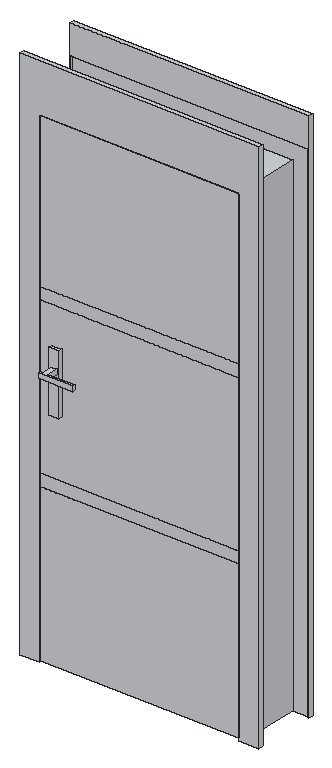
Revit family "porta_level_a1", category Drzwi, Revit 2016
Family settings
  Obiekt nadrzędny = Ściana
  Zawsze pionowo = Tak
  Tnij formami wycięć po wczytaniu = Nie
  Współdzielony = Nie
  Punkt obliczania pomieszczeń = Nie
Parameters (values of type "PN 80")
  Wysokość brutto = 2055 mm
  URL = "www.porta.com.pl"
  Szerokość brutto = 880 mm
  Ss = 818 mm
  Producent = "PORTA KMI POLAND"
  Keynote = ""
  Description = ""
  Wysokość = 2016 mm
  Zakończenie ściany = Wg obiektu nadrzędnego
  Szerokość = 802 mm
  Model = "Porta LEVEL"
  Materiał_skrzydło_2 = none
  Materiał_skrzydło_1 [instance] = none
  Materiał_ościeżnica [instance] = none
  Materiał_klamka [instance] = none
  Konstrukcja analityczna = "<Brak>"
  Informacja = "Własność Porta KMI Poland, wszelkie prawa zastrzeżone."  # constant formula
  Hs = 2017 mm
  Funkcja = Wewnętrzna
Reference planes
  plane 1: y = 0
  plane 2 "Środek (Lewa/Prawa)": x = 0
  plane 3 "Lewy": x = -440
  plane 4 "Prawy": x = 440
  plane 5: z = 2055
  plane 6 "Zewnętrzna": y = 120
  plane 7 "Wewnętrzna": y = -120
  plane 8: x = -401
  plane 9: y = -138.9
  plane 10: x = -494.4
  plane 11: x = 494.4
Forms (mm)
  Sweep 1, solid, material <- "Materiał_ościeżnica"
    path in 3D
      loop
        line (-440, -120, 0) -> (-440, -120, 2055) -> (440, -120, 2055) -> (440, -120, 0)
    profile origin (-440, -120, 1027.5) x (0, -1, 0) y (1, 0, 0)
      loop
        line (-240, -54.4) -> (-240, -49.7) -> (-243.2, -49.7) -> (-243.2, 16.3) -> (3.2, 16.3) -> (3.2, -49.7) -> (0, -49.7) -> (0, -54.4) -> (18.9, -54.4) -> (18.9, 27) -> (-26.7, 27) -> (-26.7, 39) -> (-243.2, 39) -> (-243.2, 27) -> (-258.9, 27) -> (-258.9, -54.4) -> (-240, -54.4)
  Extrusion 2, solid, material <- "Materiał_ościeżnica"
    sketch origin (-359, -94.5, 2024.974) x (0, 0, -1) y (0, -1, 0)
      loop
        line (-203.026, -233.4) -> (-84.426, -233.4) -> (-84.426, -214.5) -> (-203.026, -214.5) -> (-203.026, -233.4)
    from -853.4 to 135.4
  Extrusion 3, solid, material <- "Materiał_ościeżnica"
    sketch origin (-359, -94.5, 2024.974) x (0, 0, -1) y (0, -1, 0)
      loop
        line (-203.026, 44.4) -> (-203.026, 25.5) -> (-84.426, 25.5) -> (-84.426, 44.4) -> (-203.026, 44.4)
    from -853.4 to 135.4
Cuts and joins
  joined: Sweep 1, Extrusion 2, Extrusion 3
Lines and regions (mm)
  Opening 1
    outline origin (-3050, -120, 0) x (1, 0, 0) y (0, 0, 1)
      loop
        line (2610, 0) -> (3490, 0) -> (3490, 2055) -> (2610, 2055) -> (2610, 0)
  sketch lines
    curve 1: line (-440, -120, 0) -> (-440, -120, 2055)
    curve 2: line (-440, -120, 2055) -> (440, -120, 2055)
    curve 3: line (440, -120, 2055) -> (440, -120, 0)
  symbolic lines, style "DoorsPanelProjection"
    curve 4: line (409, -120, 0) -> (409, -938, 0)
    curve 5: line (409, -938, 0) -> (369, -938, 0)
    curve 6: line (369, -938, 0) -> (369, -120, 0)
    curve 7: line (369, -120, 0) -> (409, -120, 0)
  symbolic lines, style "Ugięcie rzutu"
    curve 8: arc (-409, -120, 0) -> (-169.413, -698.413, 0) -> (409, -938, 0) r 818
Text (mm)
  text "Zewnętrzna" at (-2295.016, 1099.543, 0), in view "Poziom odniesienia"
  text "Zewnętrzna" at (0, 1615.38, 3698.081), in view "Lewy"
  text "Zewnętrzna" at (0, 1036.032, 3874.932), in view "Prawy"
Dimensions and locks
  equal spacing: plane 3 "Lewy", plane 2 "Środek (Lewa/Prawa)", plane 4 "Prawy"
  "Szerokość brutto": plane 3 "Lewy" to plane 4 "Prawy"
  "Wysokość brutto": plane 5 to host wall
  host wall to plane 5 = 2055 mm  (x2)
  locked: plane 6 "Zewnętrzna" to host wall at 0
  locked: plane 7 "Wewnętrzna" to host wall
  locked: curve 6 to curve 4 at 40
  "Ss": curve 5 to curve 7
  equal spacing: curve 8, plane 2 "Środek (Lewa/Prawa)", curve 4
  equal spacing: nested 1, plane 2 "Środek (Lewa/Prawa)", nested 1
  locked: nested 1 to level at 8
  locked: plane 3 "Lewy" to plane 8 at 39
  locked: plane 6 "Zewnętrzna" to Sweep 1 sketch curve at 18.9
  locked: profile plane to Sweep 1 sketch curve at 27
  locked: Sweep 1 sketch curve to plane 8 at 22.7
  locked: Sweep 1 sketch curve to profile plane at 26.7
  locked: profile plane to Sweep 1 sketch curve at 18.9
  locked: Sweep 1 sketch curve to profile plane at 54.4  (x2)
  locked: plane 9 to host wall at 18.9
  locked: plane 10 to plane 3 "Lewy" at 54.4
  locked: plane 4 "Prawy" to plane 11 at 54.4
  aligned and locked: plane 3 "Lewy" to Opening 1 sketch curve
  aligned and locked: plane 5 to Opening 1 sketch curve  (x2)
  aligned and locked: Opening 1 sketch curve to plane 4 "Prawy"
  aligned and locked: Opening 1 sketch curve to level
  aligned and locked: plane 1 to host wall
  aligned and locked: plane 7 "Wewnętrzna" to curve 7
  aligned and locked: Sweep 1 sketch curve to plane 6 "Zewnętrzna"
  aligned and locked: Sweep 1 sketch curve to profile plane
  aligned and locked: Sweep 1 sketch curve to plane 8
  aligned and locked: nested 1 to plane 9
  aligned and locked: Extrusion 2 sketch curve to Sweep 1  (x2)
  aligned and locked: host wall to Extrusion 2 sketch curve
  aligned and locked: Extrusion 3 sketch curve to plane 9
  aligned and locked: host wall to Extrusion 3 sketch curve
  aligned and locked: Extrusion 3 sketch curve to Sweep 1
  aligned and locked: Extrusion 3 sketch curve to Extrusion 2
  aligned and locked: plane 11 to Extrusion 3
  aligned and locked: plane 10 to Extrusion 3
  aligned and locked: plane 11 to Extrusion 2
  aligned and locked: plane 10 to Extrusion 2
Automatic sketch dimensions
  curve 8 to host wall = 0 mm
  Sweep 1 sketch curve to Sweep 1 sketch curve = 0 mm
  Sweep 1 sketch curve to Sweep 1 sketch curve = 3.2 mm
  Sweep 1 sketch curve to Sweep 1 sketch curve = 15.7 mm
  Sweep 1 sketch curve to Sweep 1 sketch curve = 4.7 mm  (x2)
  Sweep 1 sketch curve to Sweep 1 sketch curve = 10.7 mm
  Extrusion 2 sketch curve to plane 5 = 173 mm
Nested families
  nested 1: "skrzydło" at (0, -105.4, 0), type "skrzydło"
Definition of nested family "skrzydło"
  Parameters
    Ss = 818 mm
    Materiał_skrzydło_2 = none
    Materiał_skrzydło_1 = none
    Materiał_klamka = none
    Assembly Code = ""
    Hs = 2017 mm
  Reference planes
    plane 1 "Tył": y = 6.5
    plane 2: z = 0
    plane 3 "Środek (Lewa/Prawa)": x = 0
    plane 4 "Lewa": x = -409
    plane 5 "Prawa": x = 409
    plane 6 "Przód": y = -33.5
    plane 7: z = 2025
    plane 8 "Centrum": y = -13.5
    plane 9: z = 8
  Forms (mm)
    Extrusion 1, solid, material <- "Materiał_skrzydło_1"
      sketch origin (0, -33.5, 0) x (-1, 0, 0) y (0, 0, 1)
        loop
          line (409, 653) -> (-409, 653) -> (-409, 8) -> (409, 8) -> (409, 653)
      from 0 to 40
    Extrusion 2, solid, material <- "Materiał_skrzydło_2"
      sketch origin (-2140.117, -33.5, 1200) x (-1, 0, 0) y (0, 0, 1)
        loop
          line (-1731.117, -497) -> (-2549.117, -497) -> (-2549.117, -547) -> (-1731.117, -547) -> (-1731.117, -497)
      from 0 to 40
    Extrusion 3, solid, material <- "Materiał_skrzydło_1"
      sketch origin (-2140.117, -33.5, 1200) x (-1, 0, 0) y (0, 0, 1)
        loop
          line (-1731.117, 143) -> (-2549.117, 143) -> (-2549.117, -497) -> (-1731.117, -497) -> (-1731.117, 143)
      from 0 to 40
    Extrusion 4, solid, material <- "Materiał_skrzydło_2"
      sketch origin (-2140.117, -33.5, 1200) x (-1, 0, 0) y (0, 0, 1)
        loop
          line (-1731.117, 193) -> (-2549.117, 193) -> (-2549.117, 143) -> (-1731.117, 143) -> (-1731.117, 193)
      from 0 to 40
    Extrusion 5, solid, material <- "Materiał_skrzydło_1"
      sketch origin (-2140.117, -33.5, 1200) x (-1, 0, 0) y (0, 0, 1)
        loop
          line (-1731.117, 825) -> (-2549.117, 825) -> (-2549.117, 193) -> (-1731.117, 193) -> (-1731.117, 825)
      from 0 to 40
  Dimensions and locks
    equal spacing: plane 4 "Lewa", plane 3 "Środek (Lewa/Prawa)", plane 5 "Prawa"
    "Ss": plane 4 "Lewa" to plane 5 "Prawa"
    locked: plane 9 to level at 8
    "Hs": plane 7 to plane 9
    locked: nested 1 to plane 9 at 934
    locked: plane 9 to nested 3 at 934
    equal spacing: plane 6 "Przód", plane 8 "Centrum", plane 1 "Tył"
    aligned and locked: Extrusion 1 sketch curve to plane 9
    aligned and locked: nested 1 to plane 6 "Przód"
    aligned and locked: Extrusion 1 sketch curve to plane 5 "Prawa"
    aligned and locked: Extrusion 1 sketch curve to plane 4 "Lewa"
    aligned and locked: plane 3 "Środek (Lewa/Prawa)" to nested 2
    aligned and locked: plane 4 "Lewa" to Extrusion 2 sketch curve
    aligned and locked: plane 5 "Prawa" to Extrusion 2 sketch curve
    aligned and locked: Extrusion 2 sketch curve to Extrusion 1
    aligned and locked: plane 4 "Lewa" to Extrusion 3 sketch curve
    aligned and locked: Extrusion 3 sketch curve to Extrusion 2
    aligned and locked: plane 5 "Prawa" to Extrusion 3 sketch curve
    aligned and locked: plane 4 "Lewa" to Extrusion 4 sketch curve
    aligned and locked: Extrusion 4 sketch curve to Extrusion 3
    aligned and locked: plane 5 "Prawa" to Extrusion 4 sketch curve
    aligned and locked: plane 4 "Lewa" to Extrusion 5 sketch curve
    aligned and locked: plane 7 to Extrusion 5 sketch curve
    aligned and locked: plane 5 "Prawa" to Extrusion 5 sketch curve
    aligned and locked: Extrusion 5 sketch curve to Extrusion 4
  Automatic sketch dimensions
    plane 9 to Extrusion 1 sketch curve = 645 mm
    Extrusion 2 sketch curve to Extrusion 2 sketch curve = 50 mm
    Extrusion 3 sketch curve to Extrusion 3 sketch curve = 640 mm
    Extrusion 4 sketch curve to Extrusion 4 sketch curve = 50 mm
  Nested families
    nested 1: "KLAMKA" at (-341, -33.5, 1067), Materiał klamki <- "Materiał_klamka", type "KLAMKA"
      with Materiał klamki none
    nested 2: "logo_porta" at (0, 6.5, 110) x (1, 0, 0) z (0, -1, 0), type "logo_porta"
    nested 3: "KLAMKA" at (-341, 6.5, 1067), Materiał klamki <- "Materiał_klamka", type "KLAMKA"
      with Materiał klamki none
  Definition of nested family "KLAMKA"
    Parameters
      Materiał klamki [instance] = none
      Assembly Code = ""
      Default Elevation = 1219.2 mm
    Reference planes
      plane 1 "Center (Front/Back)": y = 0
      plane 2: z = 0
      plane 3 "Center (Left/Right)": x = 0
      plane 4: z = 125
      plane 5: z = -125
      plane 6: x = 20
      plane 7: x = -20
      plane 8: y = -70
      plane 9: y = -60
      plane 10: x = 10
      plane 11: x = -10
      plane 12: x = 120
      plane 13: z = 35
      plane 14: z = 55
      plane 15: y = -15
    Forms (mm)
      Extrusion 1, solid, material <- "Materiał klamki"
        sketch origin (0, 0, 0) x (1, 0, 0) y (0, 0, 1)
          loop
            line (-20, 125) -> (-20, -125) -> (20, -125) -> (20, 125) -> (-20, 125)
        from 0 to 15
      Extrusion 2, solid, material <- "Materiał klamki"
        sketch origin (0, 0, 0) x (1, 0, 0) y (0, 1, 0)
          loop
            line (-10, -15) -> (-10, -60) -> (-20, -60) -> (-20, -70) -> (120, -70) -> (120, -60) -> (10, -60) -> (10, -15) -> (-10, -15)
        from 35 to 55
    Dimensions and locks
      equal spacing: plane 4, plane 2, plane 5
      plane 4 to plane 5 = 250 mm
      equal spacing: plane 7, plane 3 "Center (Left/Right)", plane 6
      plane 7 to plane 6 = 40 mm
      plane 8 to plane 1 "Center (Front/Back)" = 70 mm
      plane 11 to plane 3 "Center (Left/Right)" to plane 10 = 10 mm locked, 10 mm locked
      plane 7 to plane 12 = 140 mm
      plane 15 to plane 1 "Center (Front/Back)" = 15 mm
      aligned and locked: plane 7 to Extrusion 1 sketch curve
      aligned and locked: Extrusion 1 sketch curve to plane 4
      aligned and locked: plane 5 to Extrusion 1 sketch curve
      aligned and locked: Extrusion 1 sketch curve to plane 6
      aligned and locked: plane 15 to Extrusion 1
      aligned and locked: Extrusion 1 to plane 1 "Center (Front/Back)"
      aligned and locked: plane 14 to Extrusion 2
      aligned and locked: Extrusion 2 to plane 13
    Automatic sketch dimensions
      Extrusion 2 sketch curve to plane 7 = 0 mm
      Extrusion 2 sketch curve to plane 9 = 0 mm  (x2)
      Extrusion 2 sketch curve to plane 11 = 0 mm
      Extrusion 2 sketch curve to plane 10 = 0 mm
      Extrusion 2 sketch curve to plane 12 = 0 mm
      Extrusion 2 sketch curve to plane 8 = 0 mm
      Extrusion 2 sketch curve to plane 15 = 0 mm
  Definition of nested family "logo_porta"
    Reference planes
      plane 1 "Środek (Przód/Tył)": y = 0
      plane 2: z = 0
      plane 3 "Środek (Lewa/Prawa)": x = 0
